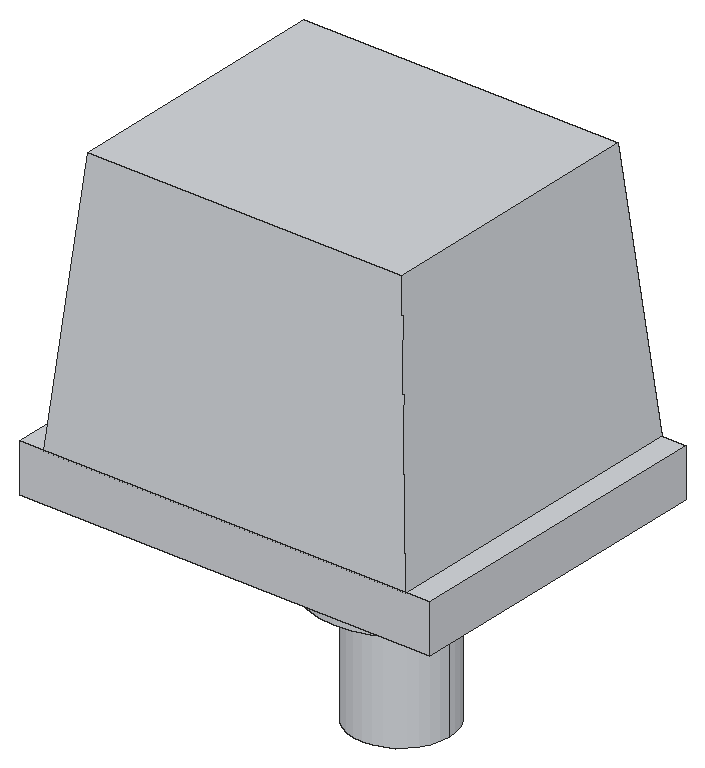
Revit family "M_Interruptor de pressão do alarme", category Acessórios do tubo, Revit 2019
Family settings
  Cota do conector redondo = Usar raio
  Tipo de parte = Sensor
  Número OmniClass = 23.85.30.21.11.17
  Título OmniClass = Other Components
  ID de item do Seek = Alarm Pressure Switch-0000-CAN-ENU
  Com base no plano de trabalho = Não
  Sempre na vertical = Sim
  Corte com vazios quando carregada = Não
  Compartilhado = Não
Parameters (values of type "25 mm")
  Largura do interruptor = 84 mm
  Material do interruptor = none
  Comprimento do interruptor = 108 mm
  Altura do interruptor = 130 mm
  Material da tubulação = none
  Raio nominal = 12.5 mm
  Diâmetro nominal = Raio nominal * 2  # 25 mm
  Assembly Code = ""
Reference planes
  plane 1 "Centro (Frente/Trás)": y = 0
  plane 2: z = 0
  plane 3 "Centro (Esquerda/Direita)": x = 0
  plane 4: z = 31.75
  plane 5: z = 47.625
  plane 6: y = 42
  plane 7: y = -42
  plane 8: x = 41.275
  plane 9: x = -66.725
  plane 10: z = 60.325
  plane 11: x = -60.375
  plane 12: x = 34.925
  plane 13: x = -54.025
  plane 14: x = 28.575
  plane 15: y = 35.65
  plane 16: y = -35.65
  plane 17: z = 130
  plane 18: x = -22.225
  plane 19: x = 22.225
  plane 20: z = 95.25
Forms (mm)
  Extrusion 1, solid, material <- "Material da tubulação", detail levels fine
    sketch origin (0, 0, 0) x (1, 0, 0) y (0, 1, 0)
      loop
        circle (0, 0) r 12.7
    from 0 to 31.75
  Extrusion 2, solid, material <- "Material da tubulação", detail levels fine
    sketch origin (0, 0, 0) x (1, 0, 0) y (0, 1, 0)
      loop
        circle (0, 0) r 22.225
    from 31.75 to 47.625
  Extrusion 3, solid, material <- "Material da tubulação", detail levels fine
    sketch origin (0, 0, 0) x (1, 0, 0) y (0, 1, 0)
      loop
        line (-66.725, 42) -> (-66.725, -42) -> (41.275, -42) -> (41.275, 42) -> (-66.725, 42)
    from 47.625 to 60.325
  Blend 4, solid, material <- "Material do interruptor", detail levels fine
    base sketch origin (0, 0, 0) x (1, 0, 0) y (0, 1, 0)
      loop
        line (-60.375, 42) -> (-60.375, -42) -> (34.925, -42) -> (34.925, 42) -> (-60.375, 42)
    top sketch origin (0, 0, 0) x (1, 0, 0) y (0, 1, 0)
      loop
        line (-54.025, 35.65) -> (-54.025, -35.65) -> (28.575, -35.65) -> (28.575, 35.65) -> (-54.025, 35.65)
    from 60.325 to 130
Lines and regions (mm)
  symbolic lines, detail levels fine
    curve 1: line (-54.025, 35.65, 0) -> (28.575, 35.65, 0)
    curve 2: line (-54.025, -35.65, 0) -> (-54.025, 35.65, 0)
    curve 3: line (28.575, -35.65, 0) -> (-54.025, -35.65, 0)
    curve 4: line (28.575, 35.65, 0) -> (28.575, -35.65, 0)
    curve 5: line (-60.375, 42, 0) -> (-60.375, -42, 0)
    curve 6: line (34.925, 42, 0) -> (34.925, -42, 0)
    curve 7: line (-60.375, 42, 0) -> (-54.025, 35.65, 0)
    curve 8: line (-60.375, -42, 0) -> (-54.025, -35.65, 0)
    curve 9: line (34.925, -42, 0) -> (28.575, -35.65, 0)
    curve 10: line (28.575, 35.65, 0) -> (34.925, 42, 0)
  model lines, detail levels coarse+medium
    curve 11: line (0, 0, 31.75) -> (0, 0, 73.025)
    curve 12: line (-22.225, 0, 31.75) -> (22.225, 0, 31.75)
    curve 13: line (22.225, 0, 31.75) -> (0, 0, 0)
    curve 14: line (-22.225, 0, 31.75) -> (0, 0, 0)
    curve 15: circle (0, 0, 95.25) r 22.225 normal (0, -1, 0)
Dimensions and locks
  locked: plane 2 to plane 4 at 31.75
  locked: plane 4 to plane 5 at 15.875
  "Largura do interruptor": plane 6 to plane 7
  equal spacing: plane 6, plane 1 "Centro (Frente/Trás)", plane 7
  locked: plane 3 "Centro (Esquerda/Direita)" to plane 8 at 41.275
  "Comprimento do interruptor": plane 9 to plane 8
  locked: plane 5 to plane 10 at 12.7
  locked: plane 9 to plane 11 at 6.35
  locked: plane 11 to plane 13 at 6.35
  locked: plane 12 to plane 8 at 6.35
  locked: plane 14 to plane 12 at 6.35
  plane 6 to plane 15 = 6.35 mm
  plane 16 to plane 7 = 6.35 mm
  "Altura do interruptor": plane 2 to plane 17
  radius of Extrusion 1 sketch curve = 12.7 mm
  radius of Extrusion 2 sketch curve = 22.225 mm
  aligned and locked: plane 4 to Extrusion 1
  aligned and locked: Extrusion 1 to plane 2
  aligned and locked: Extrusion 2 to plane 4
  aligned and locked: plane 5 to Extrusion 2
  aligned and locked: plane 9 to Extrusion 3 sketch curve
  aligned and locked: Extrusion 3 sketch curve to plane 6
  aligned and locked: plane 7 to Extrusion 3 sketch curve
  aligned and locked: Extrusion 3 sketch curve to plane 8
  aligned and locked: Extrusion 3 to plane 5
  aligned and locked: plane 10 to Extrusion 3
  aligned and locked: Blend 4 sketch curve to plane 6
  aligned and locked: plane 7 to Blend 4 sketch curve
  aligned and locked: Blend 4 sketch curve to plane 12
  aligned and locked: plane 11 to Blend 4 sketch curve
  aligned and locked: plane 13 to Blend 4 sketch curve
  aligned and locked: Blend 4 sketch curve to plane 15
  aligned and locked: plane 16 to Blend 4 sketch curve
  aligned and locked: Blend 4 sketch curve to plane 14
  aligned and locked: Blend 4 to plane 10
  aligned and locked: plane 17 to Blend 4
  aligned and locked: curve 1 to Blend 4  (x2)
  aligned and locked: Blend 4 to curve 4
  aligned and locked: curve 4 to plane 14
  aligned and locked: plane 6 to curve 5
  aligned and locked: plane 7 to curve 5
  aligned and locked: curve 5 to plane 11
  aligned and locked: curve 6 to plane 12
  aligned and locked: curve 8 to Blend 4
  aligned and locked: curve 9 to Blend 4
  aligned and locked: curve 10 to Blend 4
  aligned and locked: plane 4 to Extrusion 2
  aligned and locked: plane 18 to Extrusion 2
  aligned and locked: plane 19 to Extrusion 2
  aligned and locked: level to curve 13
  aligned and locked: plane 18 to curve 14
  aligned and locked: plane 20 to curve 15
  aligned and locked: plane 3 "Centro (Esquerda/Direita)" to curve 15
  aligned and locked: plane 3 "Centro (Esquerda/Direita)" to curve 11
  aligned and locked: plane 4 to curve 11
  aligned and locked: curve 12 to plane 4
  aligned and locked: plane 19 to curve 12
Automatic sketch dimensions
  Extrusion 1 sketch curve to plane 1 "Centro (Frente/Trás)" = 0 mm
  Extrusion 1 sketch curve to plane 3 "Centro (Esquerda/Direita)" = 0 mm
  Extrusion 2 sketch curve to plane 1 "Centro (Frente/Trás)" = 0 mm
  Extrusion 2 sketch curve to plane 3 "Centro (Esquerda/Direita)" = 0 mm
  curve 14 to plane 3 "Centro (Esquerda/Direita)" = 0 mm
  plane 10 to curve 11 = 12.7 mm
Connectors
  electrical at (-12.725, 0, 130)
    settings: on Blend 4, index 1, voltage 0 V, apparent load 0 VA, apparent load phase1 0 VA, apparent load phase2 0 VA, apparent load phase3 0 VA, power factor 1, load classification "Outros", number of poles 1, system type 11, power factor state 1, is connector primary yes, connector utility no, sub classification motor no, connector description ""
  piping at (0, 0, 0), diameter 25, driven by "Raio nominal"
    settings: on Extrusion 1, index 2, connector inside diameter 25 mm, connector length 0 mm, flow factor 0, pipe flow 0.0 L/s, pressure drop 0.0 Pa, fitting loss kfactor 0, connector angle 0.00°, fixture units 0, engagement length 0 mm, angle of deflection 0.00°, flow configuration 0, flow direction 0, fitting loss method 0, system type 29, joint type 0, gender type 0, connector reference index -1, connector utility 0, adjustable connector no, is connector primary yes, connector description ""
